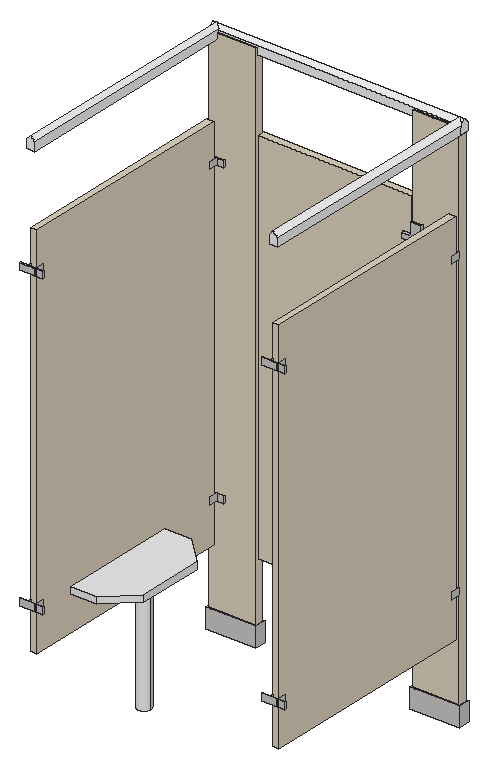
Revit family "Toilet-Partition_AmericanSanitary_Shower", category Specialty Equipment, host Wall, Revit 2026
Family settings
  Host = Wall
  Round Connector Dimension = Use Diameter
  Part Type = Normal
  Classification Number = 23.25.40.14.14.11
  Enable Cutting in Views = No
  Always vertical = Yes
  Cut with Voids When Loaded = No
  Maintain Annotation Orientation = No
  Shared = No
  Room Calculation Point = No
Parameters (values of type "As Specified in 10 21 00")
  topoffset = 0' - 0 1/4"
  strkhdwr [instance] = not(or((End Panel_Strike Side), (Terminates at Wall_Strike Side)))  # no
  hngpnlconstrain [instance] = if((Terminates at Wall_Hinge Side), (Front Panel Width_Hinge Side - Reveal Clearance), (if((End Panel_Hinge Side), (Front Panel Width_Hinge Side + Panel Thickness + 0' 0 1/8"), (Front Panel Width_Hinge Side))))  # 0' - 7 1/8"
  hngpnl2 [instance] = if((Terminates at Wall_Strike Side), (Panel Thickness - Reveal Clearance - 0' 0 1/8"), (if((End Panel_Strike Side), (Panel Thickness + 0' 0 1/8"), (Panel Thickness))))  # 0' - 1 1/8"
  capoffset = 0' - 0 1/4"
  Warranty Duration (Years) = 0
  URL = "http://www.am-sanitary-partition.com/\r\n"
  Type Comments = "Toilet Partition"
  Terminates at Wall_Strike Side [instance] = no
  Terminates at Wall_Hinge Side [instance] = no
  Stile Thickness = 0' - 1 1/4"
  Stall Width = 3' - 0"
  Stall Depth [instance] = 3' - 0"
  Shower Seat = Plastic Laminate - White
  Return Rail - Strike Side [instance] = yes
  Return Rail - Hinge Side [instance] = yes
  Pilaster Height = 6' - 10"
  Panel Thickness = 0' - 1"
  Overall Depth w Shower [instance] = 6' - 0"
  Outswing [instance] = not(Inswing)  # no
  Inswing [instance] = yes
  Headrail Material = Aluminum - Extruded - Satin Anodized Finish
  Green Building-LEED = "http://www.arcat.com/green/clients/leed_data_30440.html\r\n"
  End Panel_Strike Side [instance] = not(Terminates at Wall_Strike Side)  # yes
  Front Panel Width_Strike Side = (Stall Width - Door Width) / 2  # 0' - 6"
  Specification = "http://www.arcat.com/specwizard/clients/amerisan.html?coid=30440\r\n"
  SpecWizard = "http://www.arcat.com/specwizard/10150asp/index.htm?mf=&coid=30440\r\n"
  Send Message = "http://admin.arcat.com/users.pl?action=UserEmail&company=American%20Sanitary%20Partition%20Corp.&coid=30440&rep=145&fax=407-656-8189&mf=\r\n"
  Sales Information = "http://www.am-sanitary-partition.com/\r\n"
  Revision = "R1_10/2009"
  Reveal Clearance = 0' - 0 1/2"
  Product Properties = "http://www.arcat.com/bim/bim_info.pl?fn=Toilet-Partition_AmericanSanitary_Full-Flush"
  Product Data = "http://www.arcat.com/arcatcos/cos30/arc30440.html\r\n"
  Panel Material [instance] = Phenolic Core - Color as Specified
  Model = "As Specified in 10 21 00"
  Manufacturer's Notes = ""
  Manufacturer Website = "http://www.am-sanitary-partition.com/\r\n"
  Manufacturer Phone = "407-656-0611\r\n"
  Manufacturer Fax = "407-656-8189\r\n"
  Manufacturer Address = "300 Enterprise St.; P. O. Box 99; Ocoee; FL 34761\r\n"
  Manufacturer = "American Sanitary Partition Corp.\r\n"
  Maintenance Schedule (Months) = 0
  Keynote = "10 21 00"
  Installation-Fabrication = "http://www.arcat.com/clients/amersan.pdf"
  Installation Phase = ""
  End Panel_Hinge Side [instance] = yes
  Front Panel Width_Hinge Side = (Stall Width - Door Width) / 2  # 0' - 6"
  Hardware Finish [instance] = Stainless Steel - Type 304 #4 Brushed Finish
  Expected Lifespan (Years) = 0
  Drawn By = "Robert S. Weygant, CSI, CDT, SCIP"  # constant formula
  Door Width = 2' - 0"
  Door Thickness = 0' - 1"
  Door Height = 4' - 10"
  Distance from Floor to Panel = 1' - 0"
  Default Elevation = 0' - 0"
  Copyright = "2009, ARCAT, Inc."  # constant formula
  Description = "As Specified in 10 21 00"
  Construction Details = "http://www.arcat.com/details/amerisan/amerisan.html?coid=30440\r\n"
  Brackets_Vertical = 2
  Assembly Code = "C1010400"
Reference planes (in)
  plane 1: y = 26.56271
  plane 2 "Center (Left/Right)": x = 26.6528
  plane 3 "Left": x = 44.6528
  plane 4: x = 8.6528
  plane 5: y = 102.31271
  plane 6 "Back": y = 31.56271
  plane 7 "Right": x = 7.6528
  plane 8 "Front": y = 103.56271
  plane 9 "Bottom of panel": z = 12
  plane 10 "Top of panel": z = 70
  plane 11: x = 14.6528
  plane 12: x = 38.6528
  plane 13 "Top": z = 82
  plane 14 "Bottom Bracket": z = 18
  plane 15 "Top Bracket": z = 64
  plane 16 "Top Hinge": z = 66.75
  plane 17: y = 101.81271
  plane 18: y = 68.06271
  plane 19: z = 0
  plane 20: x = 7.5278
  plane 21: y = 67.56271
  plane 22: y = 49.56271
Forms (in)
  Extrusion 1, solid, material "Phenolic Core - Color as Specified" <- "Panel Material"
    sketch origin (0, 0, 0) x (1, 0, 0) y (0, 1, 0)
      loop
        line (7.5278, 103.56271) -> (7.5278, 102.31271) -> (14.6528, 102.31271) -> (14.6528, 103.56271) -> (7.5278, 103.56271)
    from 0 to 82
  Extrusion 2, solid, material "Stainless Steel - Type 304 #4 Brushed Finish" <- "Hardware Finish", detail levels medium+fine
    sketch origin (0, 103.56271, 0) x (-1, 0, 0) y (0, 0, 1)
      loop
        line (-13.1528, 39.97704) -> (-13.1528, 42.02296) -> (-15.6528, 42.02296) -> (-15.6528, 39.97704) -> (-13.1528, 39.97704)
    from 0 to 0.25
  Extrusion 3, solid, material "Phenolic Core - Color as Specified" <- "Panel Material"
    sketch origin (0, 0, 0) x (1, 0, 0) y (0, 1, 0)
      loop
        line (38.6528, 103.56271) -> (38.6528, 102.31271) -> (45.7778, 102.31271) -> (45.7778, 103.56271) -> (38.6528, 103.56271)
    from 0 to 82
  Extrusion 4, solid, material "Phenolic Core - Color as Specified" <- "Panel Material", visible <- "End Panel_Hinge Side"
    sketch origin (0, 0, 0) x (1, 0, 0) y (0, 1, 0)
      loop
        line (44.6528, 68.06271) -> (45.6528, 68.06271) -> (45.6528, 101.81271) -> (44.6528, 101.81271) -> (44.6528, 68.06271)
    from 12 to 70
  Extrusion 5, solid, material "Phenolic Core - Color as Specified" <- "Panel Material", visible <- "End Panel_Strike Side"
    sketch origin (0, 0, 0) x (1, 0, 0) y (0, 1, 0)
      loop
        line (7.6528, 68.06271) -> (8.6528, 68.06271) -> (8.6528, 101.81271) -> (7.6528, 101.81271) -> (7.6528, 68.06271)
    from 12 to 70
  Extrusion 6, solid, material "Stainless Steel - Type 304 #4 Brushed Finish" <- "Hardware Finish", detail levels fine
    sketch origin (0, 103.56271, 0) x (-1, 0, 0) y (0, 0, 1)
      loop
        line (-38.6528, 66.75) -> (-40.1528, 66.75) -> (-40.1528, 64) -> (-38.6528, 64) -> (-37.1528, 64) -> (-37.1528, 64.75) -> (-38.6528, 64.75) -> (-38.6528, 66.75)
    from -1.49944 to 0.25
  Extrusion 7, solid, material "Stainless Steel - Type 304 #4 Brushed Finish" <- "Hardware Finish", detail levels fine
    sketch origin (0, 103.56271, -52) x (-1, 0, 0) y (0, 0, 1)
      loop
        line (-38.6528, 66.75) -> (-40.1528, 66.75) -> (-40.1528, 64) -> (-37.1528, 64) -> (-37.1528, 64.75) -> (-38.6528, 64.75) -> (-38.6528, 66.75)
    from -1.49944 to 0.25
  Extrusion 8, solid, material "Phenolic Core - Color as Specified" <- "Panel Material"
    sketch origin (0, 103.56271, 0) x (-1, 0, 0) y (0, 0, 1)
      loop
        line (-36.9028, 12) -> (-14.9028, 12) -> (-14.9028, 70) -> (-38.4028, 70) -> (-38.4028, 64.75) -> (-36.9028, 64.75) -> (-36.9028, 63.9223) -> (-38.4028, 63.9223) -> (-38.4028, 12.75) -> (-36.9028, 12.75) -> (-36.9028, 12)
    from -1 to 0
  Extrusion 9, solid, material "Stainless Steel - Type 304 #4 Brushed Finish" <- "Hardware Finish", detail levels fine
    sketch origin (0, 103.56271, 78) x (-1, 0, 0) y (0, 0, 1)
      loop
        line (-14.9028, -78) -> (-7.2778, -78) -> (-7.2778, -75) -> (-14.9028, -75) -> (-14.9028, -78)
    from -1.49768 to 0.24505
  Extrusion 10, solid, material "Stainless Steel - Type 304 #4 Brushed Finish" <- "Hardware Finish", detail levels fine
    sketch origin (0, 103.56271, 79) x (-1, 0, 0) y (0, 0, 1)
      loop
        line (-46.0278, -79) -> (-38.4028, -79) -> (-38.4028, -76) -> (-46.0278, -76) -> (-46.0278, -79)
    from -1.49944 to 0.25923
  Extrusion 11, solid, material "Aluminum - Extruded - Satin Anodized Finish" <- "Headrail Material"
    sketch origin (26.6528, 0, 0) x (0, -1, 0) y (0, 0, 1)
      loop
        line (-103.81271, 81) -> (-102.56271, 81) -> (-102.56271, 82.25) -> (-103.18771, 82.875) -> (-103.81271, 82.25) -> (-103.81271, 81)
    from -19.23129 to 19.22536
  Extrusion 12, solid, material "Aluminum - Extruded - Satin Anodized Finish" <- "Headrail Material", visible <- "Return Rail - Strike Side"
    sketch origin (0, 103.56271, 0) x (-1, 0, 0) y (0, 0, 1)
      loop
        line (-8.67744, 81) -> (-7.42744, 81) -> (-7.42744, 82.25) -> (-8.05244, 82.875) -> (-8.67744, 82.25) -> (-8.67744, 81)
    from -36 to -0.3724
  Extrusion 13, solid, material "Aluminum - Extruded - Satin Anodized Finish" <- "Headrail Material", visible <- "Return Rail - Hinge Side"
    sketch origin (53.3056, 103.56271, 0) x (1, 0, 0) y (0, 0, -1)
      loop
        line (-8.67151, -81) -> (-8.67151, -82.25) -> (-8.17151, -82.86237) -> (-7.42151, -82.25) -> (-7.42151, -81) -> (-8.67151, -81)
    from -36 to -0.3724
  Extrusion 14, solid, material "Plastic Laminate - White" <- "Shower Seat", detail levels fine
    sketch origin (0.75, -3.85115, 0) x (1, 0, 0) y (0, 1, 0)
      loop
        line (8.6528, 95.41386) -> (8.6528, 77.41386) -> (12.6528, 77.41386) -> (16.6528, 81.41386) -> (16.6528, 91.41386) -> (12.6528, 95.41386) -> (8.6528, 95.41386)
    from 18 to 19
  Extrusion 15, solid, material "Plastic Laminate - White" <- "Shower Seat", detail levels fine
    sketch origin (0, 0, 0) x (1, 0, 0) y (0, 1, 0)
      loop
        circle (13.4028, 82.56271) r 1
    from 0 to 18
Lines and regions (in)
  symbolic lines
    curve 1: line (38.6528, 0, 70) -> (14.6528, 0, 41)
    curve 2: line (14.6528, 0, 41) -> (38.6528, 0, 12)
    curve 3: line (8.6528, 31.56271, 0) -> (7.6528, 31.56271, 0)
    curve 9: line (8.6528, 67.56271, 0) -> (44.6528, 67.56271, 0)
    curve 10: line (8.6528, 31.56271, 0) -> (8.6528, 67.56271, 0)
    curve 11: line (44.6528, 31.56271, 0) -> (8.6528, 31.56271, 0)
    curve 12: line (44.6528, 67.56271, 0) -> (44.6528, 31.56271, 0)
    curve 13: circle (26.6528, 49.56271, 0) r 2 normal (0, 0, 1)
    curve 19: line (10.6528, 65.56271, 0) -> (10.6528, 33.56271, 0)
    curve 20: line (42.6528, 65.56271, 0) -> (10.6528, 65.56271, 0)
    curve 21: line (42.6528, 33.56271, 0) -> (42.6528, 65.56271, 0)
    curve 22: line (10.6528, 33.56271, 0) -> (42.6528, 33.56271, 0)
    curve 23: line (10.6528, 65.56271, 0) -> (42.6528, 33.56271, 0)
    curve 24: line (42.6528, 65.56271, 0) -> (10.6528, 33.56271, 0)
  symbolic lines, visible <- "Inswing"
    curve 4: line (38.6528, 102.31271, 0) -> (38.6528, 78.31271, 0)
    curve 5: line (38.6528, 78.31271, 0) -> (37.6528, 78.31271, 0)
    curve 6: line (37.6528, 78.31271, 0) -> (37.6528, 102.31271, 0)
    curve 7: line (37.6528, 102.31271, 0) -> (38.6528, 102.31271, 0)
  symbolic lines, style "Toilet Accessories-Dashed", visible <- "Inswing"
    curve 8: arc (14.6528, 102.31271, 0) -> (21.68224, 85.34214, 0) -> (38.6528, 78.31271, 0) r 24
  symbolic lines, visible <- "Outswing"
    curve 14: line (38.6528, 103.56271, 0) -> (38.6528, 127.56271, 0)
    curve 15: line (38.6528, 127.56271, 0) -> (37.6528, 127.56271, 0)
    curve 16: line (37.6528, 127.56271, 0) -> (37.6528, 103.56271, 0)
    curve 17: line (37.6528, 103.56271, 0) -> (38.6528, 103.56271, 0)
  symbolic lines, style "Toilet Accessories-Dashed", visible <- "Outswing"
    curve 18: arc (14.6528, 103.56271, 0) -> (21.68224, 120.53327, 0) -> (38.6528, 127.56271, 0) r 24
Text (in)
  text "Placement Side" at (0, 40.15149, 123.01588), in view "Right"
  text "Placement Side" at (-71.13158, 43.3951, 0), in view "Floor Line"
  text "Placement Side" at (0, 65.23256, 117.93067), in view "Left"
Dimensions and locks (in)
  "Stall Width": plane 4 to plane 3 "Left"
  "Door Height": plane 9 "Bottom of panel" to plane 10 "Top of panel"
  "Distance from Floor to Panel": host wall to plane 9 "Bottom of panel"
  equal spacing: plane 9 "Bottom of panel", curve 2, plane 10 "Top of panel"
  "Pilaster Height": level to plane 13 "Top"
  "Panel Thickness": plane 7 "Right" to plane 4
  "Panel Thickness": plane 3 "Left" to Extrusion 4 sketch curve
  locked: Extrusion 6 sketch curve to plane 12 at 1.5  (x2)
  locked: plane 9 "Bottom of panel" to Extrusion 7 sketch curve at 2.75
  locked: Extrusion 7 sketch curve to plane 12 at 1.5
  locked: plane 12 to Extrusion 7 sketch curve at 1.5
  locked: plane 12 to Extrusion 8 sketch curve at 0.25
  locked: plane 11 to Extrusion 8 sketch curve at 0.25
  locked: Extrusion 2 sketch curve to plane 11 at 1.5
  "Front Panel Width_Hinge Side": plane 12 to plane 3 "Left"
  "Door Width": plane 11 to plane 12
  locked: Extrusion 9 sketch curve to plane 11 at 0.25
  locked: Extrusion 10 sketch curve to plane 12 at 0.25
  equal spacing: plane 4, plane 2 "Center (Left/Right)", plane 3 "Left"
  locked: Extrusion 9 to plane 8 "Front" at 0.24505
  locked: Extrusion 9 to plane 5 at 0.24768
  "Door Thickness": curve 6 to plane 12
  group 1 to group 2 = 0' - 0"  (x2)
  group 1 to group 2 = 3' - 10"
  locked: plane 15 "Top Bracket" to plane 16 "Top Hinge" at 2.75
  locked: plane 15 "Top Bracket" to plane 10 "Top of panel" at 6
  locked: plane 9 "Bottom of panel" to plane 14 "Bottom Bracket" at 6
  "Reveal Clearance": plane 17 to plane 5
  group 3 to group 4 = 0' - 0"  (x2)
  group 3 to group 4 = 3' - 10"
  Extrusion 10 to Extrusion 3 = 0' - 0.25923"
  Extrusion 10 to Extrusion 3 = 0' - 0.24944"
  locked: Extrusion 10 to Extrusion 3 at 0.25
  "Stile Thickness": plane 8 "Front" to plane 5
  "capoffset": Extrusion 3 to Extrusion 10
  "hngpnlconstrain": Extrusion 3 sketch curve to Extrusion 3 sketch curve
  "capoffset": Extrusion 9 to Extrusion 1
  group 5 to group 6 = 0' - 0"
  group 6 to group 5 = 0' - 0"
  group 5 to group 6 = 3' - 10"
  Extrusion 10 sketch curve to Extrusion 4 = 0' - 0 3/8"
  "hngpnl2": plane 20 to plane 4
  group 7 to group 8 = 0' - 0"
  group 8 to group 7 = 0' - 0 1/4"
  group 7 to group 8 = 3' - 10"
  "Overall Depth w Shower": plane 8 "Front" to plane 6 "Back"
  group 9 to group 10 = 0' - 0"  (x2)
  group 9 to group 10 = 3' - 10"
  locked: Extrusion 10 sketch curve to Extrusion 10 sketch curve at 3
  locked: Extrusion 9 sketch curve to Extrusion 9 sketch curve at 3
  Extrusion 11 sketch curve to plane 8 "Front" = 0' - 0 1/4"
  locked: plane 20 to Extrusion 11 at 0.10036
  locked: Extrusion 11 to Extrusion 3 at 0.10629
  "Door Thickness": Extrusion 8 to Extrusion 8
  locked: plane 20 to Extrusion 12 sketch curve at 0.10036
  locked: Extrusion 12 sketch curve to Extrusion 12 sketch curve at 1.25
  locked: Extrusion 13 sketch curve to Extrusion 13 sketch curve at 1.25
  locked: Extrusion 13 sketch curve to Extrusion 3 at 0.10629
  locked: Extrusion 11 sketch curve to Extrusion 11 sketch curve at 1.25
  locked: plane 8 "Front" to Extrusion 12 at 0.3724
  locked: plane 8 "Front" to Extrusion 13 at 0.3724
  "Stall Depth": plane 8 "Front" to plane 21
  "Reveal Clearance": plane 18 to plane 21
  group 11 to group 12 = 0' - 0"  (x2)
  group 11 to group 12 = 3' - 10"
  group 13 to group 14 = 0' - 0"  (x2)
  group 13 to group 14 = 3' - 10"
  equal spacing: plane 21, plane 22, plane 6 "Back"
  "Door Thickness": curve 16 to curve 14
  "Door Width": curve 17 to curve 15
  locked: Extrusion 14 sketch curve to Extrusion 14 sketch curve at 18
  locked: Extrusion 14 sketch curve to Extrusion 14 sketch curve at 8
  locked: Extrusion 14 sketch curve to Extrusion 14 sketch curve at 4  (x2)
  locked: Extrusion 14 sketch curve to Extrusion 14 sketch curve at 10
  Extrusion 14 to plane 21 = 0' - 6"
  locked: Extrusion 14 to Extrusion 14 at 1
  plane 4 to Extrusion 14 = 0' - 0 3/4"
  equal spacing: Extrusion 14, Extrusion 15 sketch curve, Extrusion 14  (x2)
  locked: curve 10 to curve 19 at 2
  locked: curve 21 to curve 12 at 2
  locked: curve 11 to curve 22 at 2
  locked: curve 20 to curve 9 at 2
  "Stile Thickness": Extrusion 3 sketch curve to Extrusion 3 sketch curve
  "Overall Depth w Shower": plane 6 "Back" to Extrusion 3 sketch curve
  "Door Width": radius of curve 18
  aligned and locked: Extrusion 1 sketch curve to plane 8 "Front"
  aligned and locked: Extrusion 1 sketch curve to plane 5
  aligned and locked: Extrusion 1 sketch curve to plane 11
  aligned and locked: plane 13 "Top" to Extrusion 1
  aligned and locked: Extrusion 2 to plane 8 "Front"
  aligned and locked: plane 12 to Extrusion 3 sketch curve
  aligned and locked: plane 3 "Left" to Extrusion 4 sketch curve
  aligned and locked: plane 9 "Bottom of panel" to Extrusion 4
  aligned and locked: Extrusion 1 to Extrusion 3
  aligned and locked: Extrusion 5 to plane 10 "Top of panel"
  aligned and locked: Extrusion 5 to plane 9 "Bottom of panel"
  aligned and locked: plane 16 "Top Hinge" to Extrusion 6 sketch curve
  aligned and locked: plane 15 "Top Bracket" to Extrusion 6 sketch curve
  aligned and locked: Extrusion 6 sketch curve to plane 12
  aligned and locked: plane 9 "Bottom of panel" to Extrusion 7 sketch curve
  aligned and locked: Extrusion 7 sketch curve to plane 12
  aligned and locked: Extrusion 7 to Extrusion 8 sketch curve
  aligned and locked: plane 10 "Top of panel" to Extrusion 8 sketch curve
  aligned and locked: curve 4 to plane 12
  aligned and locked: plane 8 "Front" to Extrusion 8
  aligned and locked: plane 7 "Right" to nested 1
  aligned and locked: nested 1 to plane 5  (x4)
  aligned and locked: plane 14 "Bottom Bracket" to nested 1
  aligned and locked: plane 15 "Top Bracket" to nested 2
  aligned and locked: plane 7 "Right" to nested 2
  aligned and locked: plane 5 to nested 1
  aligned and locked: plane 17 to Extrusion 5 sketch curve
  aligned and locked: Extrusion 5 sketch curve to plane 18
  aligned and locked: plane 18 to Extrusion 4 sketch curve
  aligned and locked: plane 17 to Extrusion 4 sketch curve
  aligned and locked: nested 3 to plane 5  (x2)
  aligned and locked: nested 3 to plane 3 "Left"
  aligned and locked: nested 3 to plane 14 "Bottom Bracket"
  aligned and locked: nested 4 to plane 15 "Top Bracket"
  aligned and locked: plane 5 to nested 3
  aligned and locked: plane 3 "Left" to nested 3
  aligned and locked: Extrusion 4 to plane 10 "Top of panel"
  aligned and locked: nested 5 to plane 3 "Left"
  aligned and locked: nested 5 to plane 8 "Front"  (x3)
  aligned and locked: plane 14 "Bottom Bracket" to nested 5
  aligned and locked: plane 15 "Top Bracket" to nested 6
  aligned and locked: nested 6 to plane 3 "Left"
  aligned and locked: plane 3 "Left" to nested 5
  aligned and locked: plane 19 to level
  aligned and locked: Extrusion 1 to plane 20
  aligned and locked: plane 8 "Front" to nested 7  (x2)
  aligned and locked: nested 7 to plane 7 "Right"
  aligned and locked: nested 7 to plane 14 "Bottom Bracket"
  aligned and locked: nested 8 to plane 15 "Top Bracket"
  aligned and locked: nested 8 to plane 7 "Right"
  aligned and locked: nested 7 to plane 8 "Front"
  aligned and locked: plane 6 "Back" to host wall
  aligned and locked: plane 5 to nested 9
  aligned and locked: nested 9 to plane 5  (x2)
  aligned and locked: plane 14 "Bottom Bracket" to nested 9  (x2)
  aligned and locked: nested 9 to plane 14 "Bottom Bracket"
  aligned and locked: plane 7 "Right" to nested 9
  aligned and locked: plane 15 "Top Bracket" to nested 10  (x2)
  aligned and locked: nested 10 to plane 15 "Top Bracket"
  aligned and locked: plane 7 "Right" to nested 10
  aligned and locked: plane 5 to nested 10
  aligned and locked: plane 19 to Extrusion 1
  aligned and locked: plane 19 to Extrusion 3
  aligned and locked: plane 19 to Extrusion 10 sketch curve
  aligned and locked: plane 19 to Extrusion 9 sketch curve
  aligned and locked: Extrusion 11 to Extrusion 13 sketch curve
  aligned and locked: nested 4 to plane 5
  aligned and locked: plane 5 to nested 2
  aligned and locked: plane 5 to nested 8
  aligned and locked: plane 21 to nested 11
  aligned and locked: plane 21 to nested 12
  aligned and locked: plane 7 "Right" to nested 11  (x2)
  aligned and locked: plane 3 "Left" to nested 12  (x2)
  aligned and locked: nested 4 to plane 3 "Left"
  aligned and locked: plane 14 "Bottom Bracket" to nested 11
  aligned and locked: plane 14 "Bottom Bracket" to nested 12
  aligned and locked: plane 15 "Top Bracket" to nested 13
  aligned and locked: plane 21 to nested 13
  aligned and locked: plane 7 "Right" to nested 13  (x2)
  aligned and locked: plane 15 "Top Bracket" to nested 14
  aligned and locked: plane 21 to nested 14
  aligned and locked: plane 3 "Left" to nested 14  (x2)
  aligned and locked: curve 9 to plane 21
  aligned and locked: curve 12 to plane 3 "Left"
  aligned and locked: plane 6 "Back" to curve 11
  aligned and locked: plane 4 to curve 10
  aligned and locked: plane 22 to curve 13
  aligned and locked: plane 2 "Center (Left/Right)" to curve 13
  aligned and locked: plane 12 to curve 14
  aligned and locked: curve 17 to plane 8 "Front"
  aligned and locked: Extrusion 14 to plane 14 "Bottom Bracket"
  aligned and locked: plane 14 "Bottom Bracket" to Extrusion 14
  aligned and locked: plane 19 to Extrusion 15
  aligned and locked: plane 14 "Bottom Bracket" to Extrusion 15
  aligned and locked: Extrusion 13 to plane 21
  aligned and locked: Extrusion 12 to plane 21
  aligned and locked: nested 6 to plane 8 "Front"
  aligned and locked: Extrusion 6 to Extrusion 10
Automatic sketch dimensions
  curve 3 to host wall = 0' - 0"
  curve 3 to plane 7 "Right" = 0' - 0"
  curve 3 to plane 4 = 0' - 0"
  plane 11 to Extrusion 2 sketch curve = 0' - 1"
  plane 14 "Bottom Bracket" to Extrusion 2 sketch curve = 1' - 9.97704"
  Extrusion 2 sketch curve to Extrusion 2 sketch curve = 0' - 2.04593"
  Extrusion 5 sketch curve to plane 7 "Right" = 0' - 0"
  Extrusion 5 sketch curve to plane 4 = 0' - 0"
  curve 1 to plane 10 "Top of panel" = 0' - 0"
  curve 2 to plane 9 "Bottom of panel" = 0' - 0"
  curve 1 to plane 11 = 0' - 0"
  curve 2 to plane 12 = 0' - 0"
  curve 1 to plane 12 = 0' - 0"
  Extrusion 1 sketch curve to plane 20 = 0' - 0"
  Extrusion 6 sketch curve to plane 12 = 0' - 0"
  plane 15 "Top Bracket" to Extrusion 6 sketch curve = 0' - 0 3/4"
  Extrusion 7 sketch curve to plane 9 "Bottom of panel" = 0' - 0 3/4"
  Extrusion 8 sketch curve to plane 12 = 0' - 0 1/4"
  Extrusion 8 sketch curve to plane 9 "Bottom of panel" = 0' - 0 3/4"
  Extrusion 8 sketch curve to Extrusion 8 sketch curve = 0' - 1 1/2"  (x2)
  Extrusion 8 sketch curve to plane 15 "Top Bracket" = 0' - 0.0777"
  plane 15 "Top Bracket" to Extrusion 8 sketch curve = 0' - 0 3/4"
  Extrusion 9 sketch curve to plane 20 = 0' - 0 1/4"
  Extrusion 11 sketch curve to plane 8 "Front" = 0' - 0 3/8"
  Extrusion 11 sketch curve to plane 13 "Top" = 0' - 1"
  plane 13 "Top" to Extrusion 11 sketch curve = 0' - 0 1/4"  (x2)
  plane 7 "Right" to Extrusion 12 sketch curve = 0' - 0.39964"
  Extrusion 12 sketch curve to plane 13 "Top" = 0' - 1"
  plane 13 "Top" to Extrusion 12 sketch curve = 0' - 0 1/4"  (x2)
  Extrusion 13 sketch curve to plane 3 "Left" = 0' - 0.48129"
  Extrusion 13 sketch curve to plane 13 "Top" = 0' - 0 1/4"  (x2)
  plane 4 to Extrusion 14 sketch curve = 0' - 0 3/4"
  plane 18 to Extrusion 14 sketch curve = 0' - 5 1/2"
  Extrusion 14 sketch curve to Extrusion 14 sketch curve = 0' - 4"
  curve 8 to plane 5 = 0' - 0"
  curve 8 to plane 11 = 0' - 0"
  curve 7 to plane 5 = 0' - 0"
  radius of Extrusion 15 sketch curve = 0' - 1"
  radius of curve 13 = 0' - 2"
Nested families (in)
  nested 1: "Mounting Bracket" at (7.6528, 102.31271, 18), visible <- "strkhdwr", type "Common Mount"
    with panel thickness 0' - 1"
  nested 2: "Mounting Bracket" at (7.6528, 102.31271, 64), visible <- "strkhdwr", type "Common Mount"
    with panel thickness 0' - 1"
  nested 3: "Mounting Bracket" at (45.6528, 102.31271, 18) x (-1, 0, 0) z (0, 0, 1), visible <- "End Panel_Hinge Side", type "End Mount"
    with panel thickness 0' - 1", Surfmnt no
  nested 4: "Mounting Bracket" at (45.6528, 102.31271, 64) x (-1, 0, 0) z (0, 0, 1), visible <- "End Panel_Hinge Side", type "End Mount"
    with panel thickness 0' - 1", Surfmnt no
  nested 5: "Mounting Bracket" at (44.6528, 103.56271, 18) x (0, -1, 0) z (0, 0, 1), visible <- "Terminates at Wall_Hinge Side", type "End Mount"
    with panel thickness 0' - 1", Surfmnt no
  nested 6: "Mounting Bracket" at (44.6528, 103.56271, 64) x (0, -1, 0) z (0, 0, 1), visible <- "Terminates at Wall_Hinge Side", type "End Mount"
    with panel thickness 0' - 1", Surfmnt no
  nested 7: "Mounting Bracket" at (7.6528, 103.56271, 18) x (0, -1, 0) z (0, 0, 1), visible <- "Terminates at Wall_Strike Side", type "End Mount"
    with panel thickness 0' - 1", Surfmnt no
  nested 8: "Mounting Bracket" at (7.6528, 103.31271, 64) x (0, -1, 0) z (0, 0, 1), visible <- "Terminates at Wall_Strike Side", type "End Mount"
    with panel thickness 0' - 1", Surfmnt no
  nested 9: "Mounting Bracket" at (7.6528, 102.31271, 18), visible <- "End Panel_Strike Side", type "End Mount"
    with panel thickness 0' - 1", Surfmnt no
  nested 10: "Mounting Bracket" at (7.6528, 102.31271, 64), visible <- "End Panel_Strike Side", type "End Mount"
    with panel thickness 0' - 1", Surfmnt no
  nested 11: "Mounting Bracket" at (8.6528, 67.56271, 18) x (-1, 0, 0) z (0, 0, 1), type "Common Mount"
    with panel thickness 0' - 1"
  nested 12: "Mounting Bracket" at (45.6528, 67.56271, 18) x (-1, 0, 0) z (0, 0, 1), type "Common Mount"
    with panel thickness 0' - 1"
  nested 13: "Mounting Bracket" at (8.6528, 67.56271, 64) x (-1, 0, 0) z (0, 0, 1), type "Common Mount"
    with panel thickness 0' - 1"
  nested 14: "Mounting Bracket" at (45.6528, 67.56271, 64) x (-1, 0, 0) z (0, 0, 1), type "Common Mount"
    with panel thickness 0' - 1"
Definition of nested family "Mounting Bracket"
  Parameters
    panel thickness = 0' - 0 1/2"
    hdwr matl = none
    Surfmnt = yes
    Hdwr Height = 0' - 1"
    Default Elevation = 0' - 0"
    Assembly Code = ""
  Reference planes (in)
    plane 1 "Center (Front/Back)": y = 0
    plane 2 "bottom": z = 0
    plane 3 "Center (Left/Right)": x = 0
    plane 4: y = -1.37133
    plane 5 "top": z = 1
    plane 6: y = -0.12324
  Forms (in)
    Extrusion 1, solid, material <- "hdwr matl"
      sketch origin (0, 0, 0) x (1, 0, 0) y (0, 1, 0)
        loop
          line (0, -1.37133) -> (0, -0.125) -> (0.5, -0.125) -> (0.5, -1.37133) -> (0.625, -1.37133) -> (0.625, -0.12324) -> (2.25, -0.12324) -> (2.25, 0) -> (-0.125, 0) -> (-0.125, -1.37133) -> (0, -1.37133)
      from 0 to 1
    Extrusion 2, solid, material <- "hdwr matl", visible <- "Surfmnt"
      sketch origin (0, 0, 0) x (1, 0, 0) y (0, 1, 0)
        loop
          line (0, 0) -> (-1.25, 0) -> (-1.25, -0.125) -> (0, -0.125) -> (0, 0)
      from 0 to 1
  Dimensions and locks (in)
    "panel thickness": Extrusion 1 sketch curve to Extrusion 1 sketch curve
    locked: Extrusion 1 sketch curve to Extrusion 1 sketch curve at 0.125  (x2)
    locked: plane 4 to plane 1 "Center (Front/Back)" at 1.37133
    locked: Extrusion 1 sketch curve to Extrusion 1 sketch curve at 2.375
    locked: Extrusion 2 sketch curve to Extrusion 2 sketch curve at 0.125
    locked: Extrusion 2 sketch curve to Extrusion 2 sketch curve at 1.25
    "Hdwr Height": plane 5 "top" to plane 2 "bottom"
    locked: plane 6 to plane 1 "Center (Front/Back)" at 0.12324
    "panel thickness": Extrusion 1 to Extrusion 1
    aligned and locked: plane 3 "Center (Left/Right)" to Extrusion 1 sketch curve
    aligned and locked: Extrusion 1 sketch curve to plane 1 "Center (Front/Back)"
    aligned and locked: Extrusion 1 sketch curve to plane 4  (x2)
    aligned and locked: Extrusion 2 sketch curve to plane 1 "Center (Front/Back)"
    aligned and locked: plane 3 "Center (Left/Right)" to Extrusion 2 sketch curve
    aligned and locked: plane 5 "top" to Extrusion 1
    aligned and locked: plane 5 "top" to Extrusion 2
    aligned and locked: Extrusion 1 to plane 2 "bottom"
    aligned and locked: Extrusion 2 to plane 2 "bottom"
  Automatic sketch dimensions
    plane 1 "Center (Front/Back)" to Extrusion 1 sketch curve = 0' - 0.12324"
    plane 1 "Center (Front/Back)" to Extrusion 1 sketch curve = 0' - 0 1/8"
